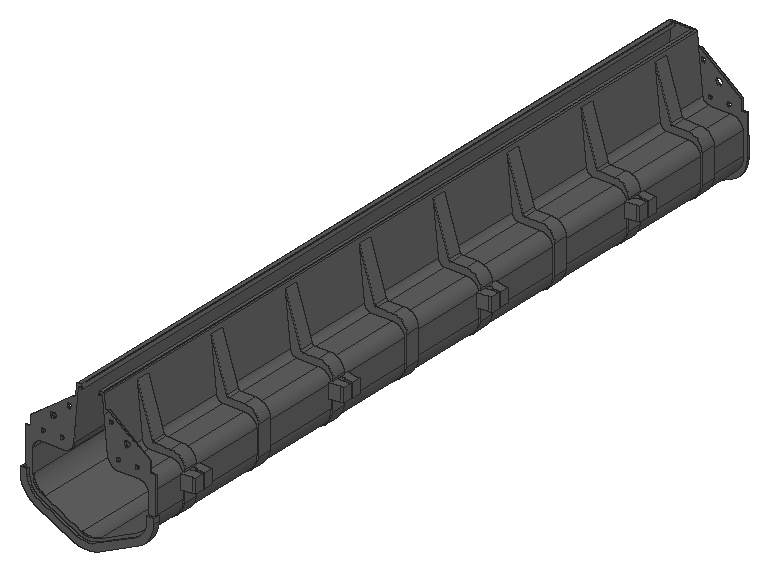
Revit family "Drain_Slotted_Hi-Cap_Zurn-Z888-12", category Plumbing Fixtures, Revit 2022
Family settings
  Round Connector Dimension = Use Radius
  Part Type = Normal
  OmniClass Number = 23.70.50.21.24.14
  OmniClass Title = Deck Waste Water Drains
  Work Plane-Based = No
  Always vertical = Yes
  Cut with Voids When Loaded = No
  Maintain Annotation Orientation = No
  Shared = No
  Room Calculation Point = No
Parameters (values of type "Z888-12 with 4 Inch No-Hub End Outlet")
  Vent Connection = 1 = 0  # no
  Product Installation Sheet URL = "https://files.zurn.com/care-cleaning-install-warranty-sheets/ft534.pdf"
  Outlet Height = if(Nominal Diameter = 4.000", 12.500", if(Nominal Diameter = 6.000", 11.500", if(Nominal Diameter = 8.000", 10.750", if(Nominal Diameter = 12.000", 12.750", Nominal Diameter))))  # 12.500"
  HW Connection = 1 = 0  # no
  CW Connection = 1 = 0  # no
  Waste Connection = 1 = 1  # yes
  WFU = 1  # constant formula
  URL = "www.zurn.com"
  Type Comments = ""
  Product data url = "https://www.bimobject.com/en-us/zurnindustries/product/z888-12"
  Product Page URL = "https://www.zurn.com/products/drainage-interceptors/trench-drain-systems/linear-trench-drain/general-purpose-drainage-exterior/z888-12"
  Product Documentation Link = "https://files.zurn.com/spec-sheets/z888-12.pdf"
  Pipe Size 'A' (Outer Diameter) = 4.500"
  Pipe Size 'A' (Nominal Radius) = Nominal Diameter / 2  # 2.000"
  Nominal Diameter = 4.000"
  Pipe Size 'A' (Inner Radius) = [Pipe Size 'A' (Inner Diameter)] / 2  # 2.014"
  Pipe Size 'A' (Outer Radius) = [Pipe Size 'A' (Outer Diameter)] / 2  # 2.250"
  Pipe Size 'A' (Inner Diameter) = 4.028"
  Modified Date = "02/13/2026"  # constant formula
  Model = "Z888-12"
  Manufacurer Brand = "Zurn"  # constant formula
  Manufacturer = "Zurn Water, LLC"  # constant formula
  Main Material = Polymer - Zurn - LDPE - Black
  HWFU = 0  # constant formula
  Description = "HI-CAP SLOTTED DRAINAGE SYSTEM FOR 12 [305] CORRUGATED PIPE OR EQUIVALENT"  # constant formula
  Default Elevation = 20.000"
  Date Created = "01/17/2023"  # constant formula
  CWFU = 0  # constant formula
  Assembly Code = "D2030300"
  12 Inch End Outlet = if(Nominal Diameter = 12.000", 16.500", 12.250")  # 12.250"
Reference planes (in)
  plane 1 "Center (Front/Back)": y = 0
  plane 2: z = 0
  plane 3 "Center (Left/Right)": x = 0
  plane 4: x = -6.25
  plane 5: x = 6.25
  plane 6: z = -14.5
  plane 7: x = 1.5
  plane 8: x = -1.5
  plane 9: x = 0.875
  plane 10: x = -0.875
  plane 11: z = -7
  plane 12: y = 40
  plane 13: y = -40
  plane 14: y = -39.875
  plane 15: y = 39.875
  plane 16: y = -35
  plane 17: y = -34.25
  plane 18: y = -35.75
  plane 19: y = -25
  plane 20: y = -24.25
  plane 21: y = -25.75
  plane 22: y = -15
  plane 23: y = -14.25
  plane 24: y = -15.75
  plane 25: y = -5
  plane 26: y = -4.25
  plane 27: y = -5.75
  plane 28: y = 5
  plane 29: y = 5.75
  plane 30: y = 4.25
  plane 31: y = 15
  plane 32: y = 15.75
  plane 33: y = 14.25
  plane 34: y = 25
  plane 35: y = 25.75
  plane 36: y = 24.25
  plane 37: y = 35
  plane 38: y = 35.75
  plane 39: y = 34.25
  plane 40: z = -7.625
  plane 41: z = -9.125
  plane 42: z = -9.927
  plane 43: y = -40.5
  plane 44: y = 44
  plane 45: z = -12.5
  plane 46: z = -10.49062
  plane 47: z = -12.25
  plane 48: x = -2
  plane 49: x = 2
  plane 50: z = -10.5
  plane 51: z = -14.5
  plane 52: y = 40.125
Forms (in)
  Extrusion 1, solid, material "Polymer - Zurn - LDPE - Black" <- "Main Material", detail levels fine
    sketch origin (0, 0, 0) x (1, 0, 0) y (0, 0, 1)
      loop
        arc (-2.87293, -7) -> (-2.2038, -6.74314) -> (-1.87841, -6.10453) r 1
        line (-1.87841, -6.10453) -> (-1.27484, -0.36193)
        arc (-1.27484, -0.36193) -> (-1.23416, -0.28211) -> (-1.15052, -0.25) r 0.125
        line (-1.15052, -0.25) -> (-1.0835, -0.25)
        arc (-1.0835, -0.25) -> (-1.0153, -0.26987) -> (-0.96843, -0.32325) r 0.127
        line (-0.96843, -0.32325) -> (-0.93092, -0.40355) -> (-0.875, -0.40355) -> (-0.98297, -0.00061) -> (-1.37568, -0.00061)
        arc (-1.37568, -0.00061) -> (-1.45933, -0.03271) -> (-1.5, -0.11254) r 0.125
        line (-1.5, -0.11254) -> (-2.12704, -6.0784)
        arc (-2.12704, -6.0784) -> (-2.37108, -6.55736) -> (-2.87293, -6.75) r 0.75
        line (-2.87293, -6.75) -> (-5.25, -6.75)
        arc (-5.25, -6.75) -> (-6.13388, -7.11612) -> (-6.5, -8) r 1.25
        line (-6.5, -8) -> (-6.5, -10.49062)
        arc (-6.5, -10.49062) -> (-6.15397, -11.68953) -> (-5.22232, -12.51968) r 2.25
        line (-5.22232, -12.51968) -> (-1.08036, -14.50451)
        arc (-1.08036, -14.50451) -> (0, -14.75) -> (1.08036, -14.50451) r 2.5
        line (1.08036, -14.50451) -> (5.22232, -12.51968)
        arc (5.22232, -12.51968) -> (6.15397, -11.68953) -> (6.5, -10.49062) r 2.25
        line (6.5, -10.49062) -> (6.5, -8)
        arc (6.5, -8) -> (6.13388, -7.11612) -> (5.25, -6.75) r 1.25
        line (5.25, -6.75) -> (2.87293, -6.75)
        arc (2.87293, -6.75) -> (2.37108, -6.55736) -> (2.12704, -6.0784) r 0.75
        line (2.12704, -6.0784) -> (1.5, -0.11254)
        arc (1.5, -0.11254) -> (1.45933, -0.03271) -> (1.37568, -0.00061) r 0.125
        line (1.37568, -0.00061) -> (0.98297, -0.00061) -> (0.875, -0.40355) -> (0.93092, -0.40355) -> (0.96843, -0.32325)
        arc (0.96843, -0.32325) -> (1.0153, -0.26987) -> (1.0835, -0.25) r 0.127
        line (1.0835, -0.25) -> (1.15052, -0.25)
        arc (1.15052, -0.25) -> (1.23416, -0.28211) -> (1.27484, -0.36193) r 0.125
        line (1.27484, -0.36193) -> (1.87841, -6.10453)
        arc (1.87841, -6.10453) -> (2.2038, -6.74314) -> (2.87293, -7) r 1
        line (2.87293, -7) -> (5.25, -7)
        arc (5.25, -7) -> (5.95711, -7.29289) -> (6.25, -8) r 1
        line (6.25, -8) -> (6.25, -10.49062)
        arc (6.25, -10.49062) -> (5.94242, -11.55632) -> (5.11429, -12.29423) r 2
        line (5.11429, -12.29423) -> (0.97232, -14.27906)
        arc (0.97232, -14.27906) -> (0, -14.5) -> (-0.97232, -14.27906) r 2.25
        line (-0.97232, -14.27906) -> (-5.11429, -12.29423)
        arc (-5.11429, -12.29423) -> (-5.94242, -11.55632) -> (-6.25, -10.49062) r 2
        line (-6.25, -10.49062) -> (-6.25, -8)
        arc (-6.25, -8) -> (-5.95711, -7.29289) -> (-5.25, -7) r 1
        line (-5.25, -7) -> (-2.87293, -7)
    from -40 to 40
  Extrusion 2, solid, material "Polymer - Zurn - LDPE - Black" <- "Main Material", detail levels fine
    sketch origin (0, 0, 0) x (1, 0, 0) y (0, 0, 1)
      loop
        line (-1.39445, -1.5) -> (-1.98135, -1.5) -> (-6.4375, -4.86842) -> (-6.4375, -6.00027) -> (-7, -6.00027) -> (-7, -10.49062)
        arc (-7, -10.49062) -> (-6.57708, -11.95596) -> (-5.4384, -12.97059) r 2.75
        line (-5.4384, -12.97059) -> (-1.29643, -14.95541)
        arc (-1.29643, -14.95541) -> (0, -15.25) -> (1.29643, -14.95541) r 3
        line (1.29643, -14.95541) -> (5.4384, -12.97059)
        arc (5.4384, -12.97059) -> (6.57708, -11.95596) -> (7, -10.49062) r 2.75
        line (7, -10.49062) -> (7, -6.00027) -> (6.4375, -6.00027) -> (6.4375, -4.86842) -> (1.98135, -1.5) -> (1.39445, -1.5) -> (1.87841, -6.10453)
        arc (1.87841, -6.10453) -> (2.2038, -6.74314) -> (2.87293, -7) r 1
        line (2.87293, -7) -> (5.25, -7)
        arc (5.25, -7) -> (5.95711, -7.29289) -> (6.25, -8) r 1
        line (6.25, -8) -> (6.25, -10.49062)
        arc (6.25, -10.49062) -> (5.94242, -11.55632) -> (5.11429, -12.29423) r 2
        line (5.11429, -12.29423) -> (0.97232, -14.27906)
        arc (0.97232, -14.27906) -> (0, -14.5) -> (-0.97232, -14.27906) r 2.25
        line (-0.97232, -14.27906) -> (-5.11429, -12.29423)
        arc (-5.11429, -12.29423) -> (-5.94242, -11.55632) -> (-6.25, -10.49062) r 2
        line (-6.25, -10.49062) -> (-6.25, -8)
        arc (-6.25, -8) -> (-5.95711, -7.29289) -> (-5.25, -7) r 1
        line (-5.25, -7) -> (-2.87293, -7)
        arc (-2.87293, -7) -> (-2.2038, -6.74314) -> (-1.87841, -6.10453) r 1
        line (-1.87841, -6.10453) -> (-1.39445, -1.5)
      loop
        circle (-2.27395, -2.54201) r 0.25
      loop
        circle (-3.98532, -4.06322) r 0.35
      loop
        circle (-5.07869, -5.9172) r 0.25
      loop
        circle (-3.04406, -5.9077) r 0.25
      loop
        circle (2.27395, -2.54201) r 0.25
      loop
        circle (3.98532, -4.06322) r 0.35
      loop
        circle (5.07869, -5.9172) r 0.25
      loop
        circle (3.04406, -5.9077) r 0.25
    from 39.875 to 40
  Extrusion 3, solid, material "Polymer - Zurn - LDPE - Black" <- "Main Material", detail levels fine
    sketch origin (0, 0, 0) x (1, 0, 0) y (0, 0, 1)
      loop
        arc (2.12704, -6.0784) -> (2.37108, -6.55736) -> (2.87293, -6.75) r 0.75
        line (2.87293, -6.75) -> (5.25, -6.75)
        arc (5.25, -6.75) -> (6.13388, -7.11612) -> (6.5, -8) r 1.25
        line (6.5, -8) -> (6.5, -10.49062)
        arc (6.5, -10.49062) -> (6.15397, -11.68953) -> (5.22232, -12.51968) r 2.25
        arc (5.22232, -12.51968) -> (6.24595, -11.82789) -> (6.75, -10.69991) r 2.25
        line (6.75, -10.69991) -> (6.75, -7.5)
        arc (6.75, -7.5) -> (6.31066, -6.43934) -> (5.25, -6) r 1.5
        line (5.25, -6) -> (3.51347, -6)
        arc (3.51347, -6) -> (3.36652, -5.95225) -> (3.2757, -5.82725) r 0.25
        line (3.2757, -5.82725) -> (1.53879, -0.48157) -> (2.12704, -6.0784)
      loop
        line (-2.12704, -6.0784) -> (-1.53879, -0.48157) -> (-3.2757, -5.82725)
        arc (-3.2757, -5.82725) -> (-3.36652, -5.95225) -> (-3.51347, -6) r 0.25
        line (-3.51347, -6) -> (-5.25, -6)
        arc (-5.25, -6) -> (-6.31066, -6.43934) -> (-6.75, -7.5) r 1.5
        line (-6.75, -7.5) -> (-6.75, -10.69991)
        arc (-6.75, -10.69991) -> (-6.24595, -11.82789) -> (-5.22232, -12.51968) r 2.25
        arc (-5.22232, -12.51968) -> (-6.15397, -11.68953) -> (-6.5, -10.49062) r 2.25
        line (-6.5, -10.49062) -> (-6.5, -8)
        arc (-6.5, -8) -> (-6.13388, -7.11612) -> (-5.25, -6.75) r 1.25
        line (-5.25, -6.75) -> (-2.87293, -6.75)
        arc (-2.87293, -6.75) -> (-2.37108, -6.55736) -> (-2.12704, -6.0784) r 0.75
    from 4.25 to 5.75
  Extrusion 4, solid, material "Polymer - Zurn - LDPE - Black" <- "Main Material", detail levels fine
    sketch origin (0, -10, 0) x (1, 0, 0) y (0, 0, 1)
      loop
        arc (2.12704, -6.0784) -> (2.37108, -6.55736) -> (2.87293, -6.75) r 0.75
        line (2.87293, -6.75) -> (5.25, -6.75)
        arc (5.25, -6.75) -> (6.13388, -7.11612) -> (6.5, -8) r 1.25
        line (6.5, -8) -> (6.5, -10.49062)
        arc (6.5, -10.49062) -> (6.15397, -11.68953) -> (5.22232, -12.51968) r 2.25
        arc (5.22232, -12.51968) -> (6.24595, -11.82789) -> (6.75, -10.69991) r 2.25
        line (6.75, -10.69991) -> (6.75, -7.5)
        arc (6.75, -7.5) -> (6.31066, -6.43934) -> (5.25, -6) r 1.5
        line (5.25, -6) -> (3.51347, -6)
        arc (3.51347, -6) -> (3.36652, -5.95225) -> (3.2757, -5.82725) r 0.25
        line (3.2757, -5.82725) -> (1.53879, -0.48157) -> (2.12704, -6.0784)
      loop
        line (-2.12704, -6.0784) -> (-1.53879, -0.48157) -> (-3.2757, -5.82725)
        arc (-3.2757, -5.82725) -> (-3.36652, -5.95225) -> (-3.51347, -6) r 0.25
        line (-3.51347, -6) -> (-5.25, -6)
        arc (-5.25, -6) -> (-6.31066, -6.43934) -> (-6.75, -7.5) r 1.5
        line (-6.75, -7.5) -> (-6.75, -10.69991)
        arc (-6.75, -10.69991) -> (-6.24595, -11.82789) -> (-5.22232, -12.51968) r 2.25
        arc (-5.22232, -12.51968) -> (-6.15397, -11.68953) -> (-6.5, -10.49062) r 2.25
        line (-6.5, -10.49062) -> (-6.5, -8)
        arc (-6.5, -8) -> (-6.13388, -7.11612) -> (-5.25, -6.75) r 1.25
        line (-5.25, -6.75) -> (-2.87293, -6.75)
        arc (-2.87293, -6.75) -> (-2.37108, -6.55736) -> (-2.12704, -6.0784) r 0.75
    from 4.25 to 5.75
  Extrusion 5, solid, material "Polymer - Zurn - LDPE - Black" <- "Main Material", detail levels fine
    sketch origin (0, -20, 0) x (1, 0, 0) y (0, 0, 1)
      loop
        arc (2.12704, -6.0784) -> (2.37108, -6.55736) -> (2.87293, -6.75) r 0.75
        line (2.87293, -6.75) -> (5.25, -6.75)
        arc (5.25, -6.75) -> (6.13388, -7.11612) -> (6.5, -8) r 1.25
        line (6.5, -8) -> (6.5, -10.49062)
        arc (6.5, -10.49062) -> (6.15397, -11.68953) -> (5.22232, -12.51968) r 2.25
        arc (5.22232, -12.51968) -> (6.24595, -11.82789) -> (6.75, -10.69991) r 2.25
        line (6.75, -10.69991) -> (6.75, -7.5)
        arc (6.75, -7.5) -> (6.31066, -6.43934) -> (5.25, -6) r 1.5
        line (5.25, -6) -> (3.51347, -6)
        arc (3.51347, -6) -> (3.36652, -5.95225) -> (3.2757, -5.82725) r 0.25
        line (3.2757, -5.82725) -> (1.53879, -0.48157) -> (2.12704, -6.0784)
      loop
        line (-2.12704, -6.0784) -> (-1.53879, -0.48157) -> (-3.2757, -5.82725)
        arc (-3.2757, -5.82725) -> (-3.36652, -5.95225) -> (-3.51347, -6) r 0.25
        line (-3.51347, -6) -> (-5.25, -6)
        arc (-5.25, -6) -> (-6.31066, -6.43934) -> (-6.75, -7.5) r 1.5
        line (-6.75, -7.5) -> (-6.75, -10.69991)
        arc (-6.75, -10.69991) -> (-6.24595, -11.82789) -> (-5.22232, -12.51968) r 2.25
        arc (-5.22232, -12.51968) -> (-6.15397, -11.68953) -> (-6.5, -10.49062) r 2.25
        line (-6.5, -10.49062) -> (-6.5, -8)
        arc (-6.5, -8) -> (-6.13388, -7.11612) -> (-5.25, -6.75) r 1.25
        line (-5.25, -6.75) -> (-2.87293, -6.75)
        arc (-2.87293, -6.75) -> (-2.37108, -6.55736) -> (-2.12704, -6.0784) r 0.75
    from 4.25 to 5.75
  Extrusion 6, solid, material "Polymer - Zurn - LDPE - Black" <- "Main Material", detail levels fine
    sketch origin (0, -30, 0) x (1, 0, 0) y (0, 0, 1)
      loop
        arc (2.12704, -6.0784) -> (2.37108, -6.55736) -> (2.87293, -6.75) r 0.75
        line (2.87293, -6.75) -> (5.25, -6.75)
        arc (5.25, -6.75) -> (6.13388, -7.11612) -> (6.5, -8) r 1.25
        line (6.5, -8) -> (6.5, -10.49062)
        arc (6.5, -10.49062) -> (6.15397, -11.68953) -> (5.22232, -12.51968) r 2.25
        arc (5.22232, -12.51968) -> (6.24595, -11.82789) -> (6.75, -10.69991) r 2.25
        line (6.75, -10.69991) -> (6.75, -7.5)
        arc (6.75, -7.5) -> (6.31066, -6.43934) -> (5.25, -6) r 1.5
        line (5.25, -6) -> (3.51347, -6)
        arc (3.51347, -6) -> (3.36652, -5.95225) -> (3.2757, -5.82725) r 0.25
        line (3.2757, -5.82725) -> (1.53879, -0.48157) -> (2.12704, -6.0784)
      loop
        line (-2.12704, -6.0784) -> (-1.53879, -0.48157) -> (-3.2757, -5.82725)
        arc (-3.2757, -5.82725) -> (-3.36652, -5.95225) -> (-3.51347, -6) r 0.25
        line (-3.51347, -6) -> (-5.25, -6)
        arc (-5.25, -6) -> (-6.31066, -6.43934) -> (-6.75, -7.5) r 1.5
        line (-6.75, -7.5) -> (-6.75, -10.69991)
        arc (-6.75, -10.69991) -> (-6.24595, -11.82789) -> (-5.22232, -12.51968) r 2.25
        arc (-5.22232, -12.51968) -> (-6.15397, -11.68953) -> (-6.5, -10.49062) r 2.25
        line (-6.5, -10.49062) -> (-6.5, -8)
        arc (-6.5, -8) -> (-6.13388, -7.11612) -> (-5.25, -6.75) r 1.25
        line (-5.25, -6.75) -> (-2.87293, -6.75)
        arc (-2.87293, -6.75) -> (-2.37108, -6.55736) -> (-2.12704, -6.0784) r 0.75
    from 4.25 to 5.75
  Extrusion 7, solid, material "Polymer - Zurn - LDPE - Black" <- "Main Material", detail levels fine
    sketch origin (0, 10, 0) x (1, 0, 0) y (0, 0, 1)
      loop
        arc (2.12704, -6.0784) -> (2.37108, -6.55736) -> (2.87293, -6.75) r 0.75
        line (2.87293, -6.75) -> (5.25, -6.75)
        arc (5.25, -6.75) -> (6.13388, -7.11612) -> (6.5, -8) r 1.25
        line (6.5, -8) -> (6.5, -10.49062)
        arc (6.5, -10.49062) -> (6.15397, -11.68953) -> (5.22232, -12.51968) r 2.25
        arc (5.22232, -12.51968) -> (6.24595, -11.82789) -> (6.75, -10.69991) r 2.25
        line (6.75, -10.69991) -> (6.75, -7.5)
        arc (6.75, -7.5) -> (6.31066, -6.43934) -> (5.25, -6) r 1.5
        line (5.25, -6) -> (3.51347, -6)
        arc (3.51347, -6) -> (3.36652, -5.95225) -> (3.2757, -5.82725) r 0.25
        line (3.2757, -5.82725) -> (1.53879, -0.48157) -> (2.12704, -6.0784)
      loop
        line (-2.12704, -6.0784) -> (-1.53879, -0.48157) -> (-3.2757, -5.82725)
        arc (-3.2757, -5.82725) -> (-3.36652, -5.95225) -> (-3.51347, -6) r 0.25
        line (-3.51347, -6) -> (-5.25, -6)
        arc (-5.25, -6) -> (-6.31066, -6.43934) -> (-6.75, -7.5) r 1.5
        line (-6.75, -7.5) -> (-6.75, -10.69991)
        arc (-6.75, -10.69991) -> (-6.24595, -11.82789) -> (-5.22232, -12.51968) r 2.25
        arc (-5.22232, -12.51968) -> (-6.15397, -11.68953) -> (-6.5, -10.49062) r 2.25
        line (-6.5, -10.49062) -> (-6.5, -8)
        arc (-6.5, -8) -> (-6.13388, -7.11612) -> (-5.25, -6.75) r 1.25
        line (-5.25, -6.75) -> (-2.87293, -6.75)
        arc (-2.87293, -6.75) -> (-2.37108, -6.55736) -> (-2.12704, -6.0784) r 0.75
    from 4.25 to 5.75
  Extrusion 8, solid, material "Polymer - Zurn - LDPE - Black" <- "Main Material", detail levels fine
    sketch origin (0, 30, 0) x (1, 0, 0) y (0, 0, 1)
      loop
        arc (2.12704, -6.0784) -> (2.37108, -6.55736) -> (2.87293, -6.75) r 0.75
        line (2.87293, -6.75) -> (5.25, -6.75)
        arc (5.25, -6.75) -> (6.13388, -7.11612) -> (6.5, -8) r 1.25
        line (6.5, -8) -> (6.5, -10.49062)
        arc (6.5, -10.49062) -> (6.15397, -11.68953) -> (5.22232, -12.51968) r 2.25
        arc (5.22232, -12.51968) -> (6.24595, -11.82789) -> (6.75, -10.69991) r 2.25
        line (6.75, -10.69991) -> (6.75, -7.5)
        arc (6.75, -7.5) -> (6.31066, -6.43934) -> (5.25, -6) r 1.5
        line (5.25, -6) -> (3.51347, -6)
        arc (3.51347, -6) -> (3.36652, -5.95225) -> (3.2757, -5.82725) r 0.25
        line (3.2757, -5.82725) -> (1.53879, -0.48157) -> (2.12704, -6.0784)
      loop
        line (-2.12704, -6.0784) -> (-1.53879, -0.48157) -> (-3.2757, -5.82725)
        arc (-3.2757, -5.82725) -> (-3.36652, -5.95225) -> (-3.51347, -6) r 0.25
        line (-3.51347, -6) -> (-5.25, -6)
        arc (-5.25, -6) -> (-6.31066, -6.43934) -> (-6.75, -7.5) r 1.5
        line (-6.75, -7.5) -> (-6.75, -10.69991)
        arc (-6.75, -10.69991) -> (-6.24595, -11.82789) -> (-5.22232, -12.51968) r 2.25
        arc (-5.22232, -12.51968) -> (-6.15397, -11.68953) -> (-6.5, -10.49062) r 2.25
        line (-6.5, -10.49062) -> (-6.5, -8)
        arc (-6.5, -8) -> (-6.13388, -7.11612) -> (-5.25, -6.75) r 1.25
        line (-5.25, -6.75) -> (-2.87293, -6.75)
        arc (-2.87293, -6.75) -> (-2.37108, -6.55736) -> (-2.12704, -6.0784) r 0.75
    from 4.25 to 5.75
  Extrusion 9, solid, material "Polymer - Zurn - LDPE - Black" <- "Main Material", detail levels fine
    sketch origin (0, 40, 0) x (1, 0, 0) y (0, 0, 1)
      loop
        arc (2.12704, -6.0784) -> (2.37108, -6.55736) -> (2.87293, -6.75) r 0.75
        line (2.87293, -6.75) -> (5.25, -6.75)
        arc (5.25, -6.75) -> (6.13388, -7.11612) -> (6.5, -8) r 1.25
        line (6.5, -8) -> (6.5, -10.49062)
        arc (6.5, -10.49062) -> (6.15397, -11.68953) -> (5.22232, -12.51968) r 2.25
        arc (5.22232, -12.51968) -> (6.24595, -11.82789) -> (6.75, -10.69991) r 2.25
        line (6.75, -10.69991) -> (6.75, -7.5)
        arc (6.75, -7.5) -> (6.31066, -6.43934) -> (5.25, -6) r 1.5
        line (5.25, -6) -> (3.51347, -6)
        arc (3.51347, -6) -> (3.36652, -5.95225) -> (3.2757, -5.82725) r 0.25
        line (3.2757, -5.82725) -> (1.53879, -0.48157) -> (2.12704, -6.0784)
      loop
        line (-2.12704, -6.0784) -> (-1.53879, -0.48157) -> (-3.2757, -5.82725)
        arc (-3.2757, -5.82725) -> (-3.36652, -5.95225) -> (-3.51347, -6) r 0.25
        line (-3.51347, -6) -> (-5.25, -6)
        arc (-5.25, -6) -> (-6.31066, -6.43934) -> (-6.75, -7.5) r 1.5
        line (-6.75, -7.5) -> (-6.75, -10.69991)
        arc (-6.75, -10.69991) -> (-6.24595, -11.82789) -> (-5.22232, -12.51968) r 2.25
        arc (-5.22232, -12.51968) -> (-6.15397, -11.68953) -> (-6.5, -10.49062) r 2.25
        line (-6.5, -10.49062) -> (-6.5, -8)
        arc (-6.5, -8) -> (-6.13388, -7.11612) -> (-5.25, -6.75) r 1.25
        line (-5.25, -6.75) -> (-2.87293, -6.75)
        arc (-2.87293, -6.75) -> (-2.37108, -6.55736) -> (-2.12704, -6.0784) r 0.75
    from 4.25 to 5.75
  Extrusion 10, solid, material "Polymer - Zurn - LDPE - Black" <- "Main Material", detail levels fine
    sketch origin (0, 20, 0) x (1, 0, 0) y (0, 0, 1)
      loop
        arc (2.12704, -6.0784) -> (2.37108, -6.55736) -> (2.87293, -6.75) r 0.75
        line (2.87293, -6.75) -> (5.25, -6.75)
        arc (5.25, -6.75) -> (6.13388, -7.11612) -> (6.5, -8) r 1.25
        line (6.5, -8) -> (6.5, -10.49062)
        arc (6.5, -10.49062) -> (6.15397, -11.68953) -> (5.22232, -12.51968) r 2.25
        arc (5.22232, -12.51968) -> (6.24595, -11.82789) -> (6.75, -10.69991) r 2.25
        line (6.75, -10.69991) -> (6.75, -7.5)
        arc (6.75, -7.5) -> (6.31066, -6.43934) -> (5.25, -6) r 1.5
        line (5.25, -6) -> (3.51347, -6)
        arc (3.51347, -6) -> (3.36652, -5.95225) -> (3.2757, -5.82725) r 0.25
        line (3.2757, -5.82725) -> (1.53879, -0.48157) -> (2.12704, -6.0784)
      loop
        line (-2.12704, -6.0784) -> (-1.53879, -0.48157) -> (-3.2757, -5.82725)
        arc (-3.2757, -5.82725) -> (-3.36652, -5.95225) -> (-3.51347, -6) r 0.25
        line (-3.51347, -6) -> (-5.25, -6)
        arc (-5.25, -6) -> (-6.31066, -6.43934) -> (-6.75, -7.5) r 1.5
        line (-6.75, -7.5) -> (-6.75, -10.69991)
        arc (-6.75, -10.69991) -> (-6.24595, -11.82789) -> (-5.22232, -12.51968) r 2.25
        arc (-5.22232, -12.51968) -> (-6.15397, -11.68953) -> (-6.5, -10.49062) r 2.25
        line (-6.5, -10.49062) -> (-6.5, -8)
        arc (-6.5, -8) -> (-6.13388, -7.11612) -> (-5.25, -6.75) r 1.25
        line (-5.25, -6.75) -> (-2.87293, -6.75)
        arc (-2.87293, -6.75) -> (-2.37108, -6.55736) -> (-2.12704, -6.0784) r 0.75
    from 4.25 to 5.75
  Extrusion 11, solid, material "Polymer - Zurn - LDPE - Black" <- "Main Material", detail levels fine
    sketch origin (0, 0, 0) x (1, 0, 0) y (0, 1, 0)
      loop
        line (6.75317, 26.25) -> (6.75317, 23.75) -> (7.81337, 23.9375) -> (8.25, 23.9375) -> (8.25, 24.875) -> (7.37695, 24.875)
        arc (7.37695, 24.875) -> (6.84375, 25) -> (7.37695, 25.125) r 0.28125
        line (7.37695, 25.125) -> (8.25, 25.125) -> (8.25, 26.0625) -> (7.81337, 26.0625) -> (6.75317, 26.25)
      loop
        line (-6.75317, 26.25) -> (-7.81337, 26.0625) -> (-8.25, 26.0625) -> (-8.25, 25.125) -> (-7.37695, 25.125)
        arc (-7.37695, 25.125) -> (-6.84375, 25) -> (-7.37695, 24.875) r 0.28125
        line (-7.37695, 24.875) -> (-8.25, 24.875) -> (-8.25, 23.9375) -> (-7.81337, 23.9375) -> (-6.75317, 23.75) -> (-6.75317, 26.25)
      loop
        line (6.75317, 6.25) -> (6.75317, 3.75) -> (7.81337, 3.9375) -> (8.25, 3.9375) -> (8.25, 4.875) -> (7.37695, 4.875)
        arc (7.37695, 4.875) -> (6.84375, 5) -> (7.37695, 5.125) r 0.28125
        line (7.37695, 5.125) -> (8.25, 5.125) -> (8.25, 6.0625) -> (7.81337, 6.0625) -> (6.75317, 6.25)
      loop
        line (-6.75317, 6.25) -> (-7.81337, 6.0625) -> (-8.25, 6.0625) -> (-8.25, 5.125) -> (-7.37695, 5.125)
        arc (-7.37695, 5.125) -> (-6.84375, 5) -> (-7.37695, 4.875) r 0.28125
        line (-7.37695, 4.875) -> (-8.25, 4.875) -> (-8.25, 3.9375) -> (-7.81337, 3.9375) -> (-6.75317, 3.75) -> (-6.75317, 6.25)
      loop
        line (6.75317, -13.75) -> (6.75317, -16.25) -> (7.81337, -16.0625) -> (8.25, -16.0625) -> (8.25, -15.125) -> (7.37695, -15.125)
        arc (7.37695, -15.125) -> (6.84375, -15) -> (7.37695, -14.875) r 0.28125
        line (7.37695, -14.875) -> (8.25, -14.875) -> (8.25, -13.9375) -> (7.81337, -13.9375) -> (6.75317, -13.75)
      loop
        line (-6.75317, -13.75) -> (-7.81337, -13.9375) -> (-8.25, -13.9375) -> (-8.25, -14.875) -> (-7.37695, -14.875)
        arc (-7.37695, -14.875) -> (-6.84375, -15) -> (-7.37695, -15.125) r 0.28125
        line (-7.37695, -15.125) -> (-8.25, -15.125) -> (-8.25, -16.0625) -> (-7.81337, -16.0625) -> (-6.75317, -16.25) -> (-6.75317, -13.75)
      loop
        line (6.75317, -33.75) -> (6.75317, -36.25) -> (7.81337, -36.0625) -> (8.25, -36.0625) -> (8.25, -35.125) -> (7.37695, -35.125)
        arc (7.37695, -35.125) -> (6.84375, -35) -> (7.37695, -34.875) r 0.28125
        line (7.37695, -34.875) -> (8.25, -34.875) -> (8.25, -33.9375) -> (7.81337, -33.9375) -> (6.75317, -33.75)
      loop
        line (-6.75317, -33.75) -> (-7.81337, -33.9375) -> (-8.25, -33.9375) -> (-8.25, -34.875) -> (-7.37695, -34.875)
        arc (-7.37695, -34.875) -> (-6.84375, -35) -> (-7.37695, -35.125) r 0.28125
        line (-7.37695, -35.125) -> (-8.25, -35.125) -> (-8.25, -36.0625) -> (-7.81337, -36.0625) -> (-6.75317, -36.25) -> (-6.75317, -33.75)
    from -9.125 to -7.625
  Sweep 12, solid, material "Polymer - Zurn - LDPE - Black" <- "Main Material", detail levels fine
    path origin (0, 0, 0) x (1, 0, 0) y (0, 0, 1)
      loop
        line (6.25, -9.927) -> (6.25, -10.49062)
        arc (6.25, -10.49062) -> (5.94242, -11.55632) -> (5.11429, -12.29423) r 2
        line (5.11429, -12.29423) -> (0.97232, -14.27906)
        arc (0.97232, -14.27906) -> (0, -14.5) -> (-0.97232, -14.27906) r 2.25
        line (-0.97232, -14.27906) -> (-5.11429, -12.29423)
        arc (-5.11429, -12.29423) -> (-5.94242, -11.55632) -> (-6.25, -10.49062) r 2
        line (-6.25, -10.49062) -> (-6.25, -9.927)
    profile origin (6.25, 0, -10.20881) x (0, -1, 0) y (1, 0, 0)
      loop
        line (40.25, 0.225) -> (40.5, 0.225) -> (40.5, 0.975) -> (39.875, 0.975) -> (39.875, 0.75) -> (40.25, 0.75) -> (40.25, 0.225)
  Extrusion 13, solid, material "Polymer - Zurn - LDPE - Black" <- "Main Material", detail levels fine
    sketch origin (0, 80, 0) x (1, 0, 0) y (0, 0, 1)
      loop
        line (-1.39445, -1.5) -> (-1.98135, -1.5) -> (-6.4375, -4.86842) -> (-6.4375, -6.00027) -> (-7, -6.00027) -> (-7, -10.49062)
        arc (-7, -10.49062) -> (-6.57708, -11.95596) -> (-5.4384, -12.97059) r 2.75
        line (-5.4384, -12.97059) -> (-1.29643, -14.95541)
        arc (-1.29643, -14.95541) -> (0, -15.25) -> (1.29643, -14.95541) r 3
        line (1.29643, -14.95541) -> (5.4384, -12.97059)
        arc (5.4384, -12.97059) -> (6.57708, -11.95596) -> (7, -10.49062) r 2.75
        line (7, -10.49062) -> (7, -6.00027) -> (6.4375, -6.00027) -> (6.4375, -4.86842) -> (1.98135, -1.5) -> (1.39445, -1.5) -> (1.23679, 0) -> (-1.23679, 0) -> (-1.39445, -1.5)
      loop
        circle (-2.27395, -2.54201) r 0.25
      loop
        circle (-3.98532, -4.06322) r 0.35
      loop
        circle (-5.07869, -5.9172) r 0.25
      loop
        circle (-3.04406, -5.9077) r 0.25
      loop
        circle (2.27395, -2.54201) r 0.25
      loop
        circle (3.98532, -4.06322) r 0.35
      loop
        circle (5.07869, -5.9172) r 0.25
      loop
        circle (3.04406, -5.9077) r 0.25
    from 39.875 to 40
  Extrusion 14, solid, material "Polymer - Zurn - LDPE - Black" <- "Main Material", detail levels fine
    sketch origin (0, 0, 0) x (1, 0, 0) y (0, 0, 1)
      loop
        circle (0, -12.5) r 2.014
      loop
        circle (0, -12.5) r 2.25
    from -44 to -40
Cuts and joins
  joined: Extrusion 1, Extrusion 2, Sweep 12
  joined: Extrusion 13, Extrusion 14
Lines and regions (in)
  Masking region 1, detail levels fine
    outline origin (0, 0, 0) x (1, 0, 0) y (0, 1, 0)
      loop
        line (-6.75, 40.125) -> (-6.75, 26.25056) -> (-7.81337, 26.0625) -> (-8.25, 26.0625) -> (-8.25, 23.9375) -> (-7.81337, 23.9375) -> (-6.75317, 23.75) -> (-6.75317, 6.25) -> (-7.81337, 6.0625) -> (-8.25, 6.0625) -> (-8.25, 3.9375) -> (-7.81337, 3.9375) -> (-6.75317, 3.75) -> (-6.75317, -13.75) -> (-7.81337, -13.9375) -> (-8.25, -13.9375) -> (-8.25, -16.0625) -> (-7.81337, -16.0625) -> (-6.75317, -16.25) -> (-6.75317, -33.75) -> (-7.81337, -33.9375) -> (-8.25, -33.9375) -> (-8.25, -36.0625) -> (-7.81337, -36.0625) -> (-6.75317, -36.25) -> (-6.75317, -39.875) -> (-7.225, -39.875) -> (-7.225, -40.5) -> (7.225, -40.5) -> (7.225, -39.875) -> (6.75317, -39.875) -> (6.75317, -36.25) -> (7.81337, -36.0625) -> (8.25, -36.0625) -> (8.25, -33.9375) -> (7.81337, -33.9375) -> (6.75317, -33.75) -> (6.75317, -16.25) -> (7.81337, -16.0625) -> (8.25, -16.0625) -> (8.25, -13.9375) -> (7.81337, -13.9375) -> (6.75317, -13.75) -> (6.75317, 3.75) -> (7.81337, 3.9375) -> (8.25, 3.9375) -> (8.25, 6.0625) -> (7.81337, 6.0625) -> (6.75317, 6.25) -> (6.75317, 23.75) -> (7.81337, 23.9375) -> (8.25, 23.9375) -> (8.25, 26.0625) -> (7.81337, 26.0625) -> (6.75, 26.25056) -> (6.75, 40.125) -> (2.25, 40.125) -> (2.25, 44) -> (-2.25, 44) -> (-2.25, 40.125) -> (-6.75, 40.125)
  model lines, detail levels coarse+medium
    curve 1: line (0, 44, -10.5) -> (0, 44, -14.5)
    curve 2: line (-2, 44, -12.5) -> (2, 44, -12.5)
    curve 3: line (0, -40, 0) -> (0, -40, -14.5)
    curve 4: line (0, -40, -14.5) -> (0, 40, -14.5)
    curve 5: line (0, 40, -14.5) -> (0, 40, 0)
    curve 6: line (0, 40, -12.5) -> (0, 44, -12.5)
    curve 7: line (-0.875, 40, 0) -> (0.875, 40, 0)
    curve 8: line (-0.875, -40, 0) -> (-0.875, 40, 0)
    curve 9: line (0.875, -40, 0) -> (-0.875, -40, 0)
    curve 10: line (0.875, 40, 0) -> (0.875, -40, 0)
Dimensions and locks (in)
  equal spacing: plane 7, plane 3 "Center (Left/Right)", plane 8, locked at 1.5 each
  locked: plane 7 to plane 8 at 3
  equal spacing: plane 5, plane 3 "Center (Left/Right)", plane 4
  locked: plane 5 to plane 4 at 12.5
  locked: level to plane 6 at 14.5
  equal spacing: plane 9, plane 3 "Center (Left/Right)", plane 10, locked at 0.875 each
  locked: plane 9 to plane 10 at 1.75
  locked: Extrusion 1 sketch curve to plane 6 at 2.25
  locked: Extrusion 1 sketch curve to plane 4 at 2
  Extrusion 1 sketch curve to plane 6 = 4.00938"
  locked: Extrusion 1 sketch curve to plane 6 at 4.00938
  locked: plane 11 to Extrusion 1 sketch curve at 1  (x2)
  locked: plane 5 to Extrusion 1 sketch curve at 1
  locked: Extrusion 1 sketch curve to plane 4 at 1
  locked: level to Extrusion 1 sketch curve at 0.25
  equal spacing: plane 13, plane 1 "Center (Front/Back)", plane 12, locked at 40 each
  locked: plane 13 to plane 12 at 80
  locked: Extrusion 1 sketch curve to Extrusion 1 sketch curve at 0.15355  (x2)
  locked: level to Extrusion 2 sketch curve at 1.5
  equal spacing: Extrusion 2 sketch curve, plane 3 "Center (Left/Right)", Extrusion 2 sketch curve  (x2)
  locked: Extrusion 2 sketch curve to Extrusion 2 sketch curve at 3.96271
  locked: Extrusion 2 sketch curve to Extrusion 2 sketch curve at 12.875
  locked: level to Extrusion 2 sketch curve at 6.00027
  locked: Extrusion 1 to Extrusion 2 sketch curve at 0.75  (x4)
  Extrusion 3 sketch curve to plane 3 "Center (Left/Right)" = 6.750"
  equal spacing: plane 17, plane 16, plane 18, locked at 0.75 each
  locked: plane 17 to plane 18 at 1.5
  locked: Extrusion 3 sketch curve to Extrusion 3 sketch curve at 0.25
  locked: Extrusion 3 sketch curve to Extrusion 3 sketch curve at 0.75
  equal spacing: plane 20, plane 19, plane 21, locked at 0.75 each
  locked: plane 20 to plane 21 at 1.5
  equal spacing: plane 23, plane 22, plane 24, locked at 0.75 each
  locked: plane 23 to plane 24 at 1.5
  equal spacing: plane 26, plane 25, plane 27, locked at 0.75 each
  locked: plane 26 to plane 27 at 1.5
  equal spacing: plane 29, plane 28, plane 30, locked at 0.75 each
  locked: plane 29 to plane 30 at 1.5
  equal spacing: plane 32, plane 31, plane 33, locked at 0.75 each
  locked: plane 32 to plane 33 at 1.5
  equal spacing: plane 35, plane 34, plane 36, locked at 0.75 each
  locked: plane 35 to plane 36 at 1.5
  equal spacing: plane 38, plane 37, plane 39, locked at 0.75 each
  locked: plane 38 to plane 39 at 1.5
  plane 13 to plane 16 to plane 19 to plane 22 to plane 25 to plane 28 to plane 31 to plane 34 to plane 37 to plane 12 = 5.000" locked, 10.000" locked, 10.000" locked, 10.000" locked, 10.000" locked, 10.000" locked, 10.000" locked, 10.000" locked, 5.000" locked
  locked: Extrusion 4 sketch curve to Extrusion 4 sketch curve at 0.25
  locked: Extrusion 4 sketch curve to Extrusion 4 sketch curve at 0.75
  locked: Extrusion 5 sketch curve to Extrusion 5 sketch curve at 0.25
  locked: Extrusion 5 sketch curve to Extrusion 5 sketch curve at 0.75
  locked: Extrusion 6 sketch curve to Extrusion 6 sketch curve at 0.25
  locked: Extrusion 6 sketch curve to Extrusion 6 sketch curve at 0.75
  locked: Extrusion 7 sketch curve to Extrusion 7 sketch curve at 0.25
  locked: Extrusion 7 sketch curve to Extrusion 7 sketch curve at 0.75
  locked: Extrusion 8 sketch curve to Extrusion 8 sketch curve at 0.25
  locked: Extrusion 8 sketch curve to Extrusion 8 sketch curve at 0.75
  locked: Extrusion 9 sketch curve to Extrusion 9 sketch curve at 0.25
  locked: Extrusion 9 sketch curve to Extrusion 9 sketch curve at 0.75
  locked: Extrusion 10 sketch curve to Extrusion 10 sketch curve at 0.25
  locked: Extrusion 10 sketch curve to Extrusion 10 sketch curve at 0.75
  level to plane 40 to plane 41 = 7.625" locked, 1.500" locked
  plane 3 "Center (Left/Right)" to Extrusion 11 sketch curve = 7.125"
  Extrusion 11 sketch curve to plane 34 to Extrusion 11 sketch curve = 0.125", 0.125"
  locked: plane 3 "Center (Left/Right)" to Extrusion 11 sketch curve at 8.25
  locked: Extrusion 11 sketch curve to Extrusion 11 sketch curve at 2.5  (x8)
  Extrusion 11 sketch curve to Extrusion 11 sketch curve to Extrusion 11 sketch curve = 1.0602" locked, 0.43663" locked  (x8)
  locked: Extrusion 11 sketch curve to Extrusion 11 sketch curve at 2.125  (x8)
  locked: Extrusion 11 sketch curve to Extrusion 11 sketch curve at 0.37183  (x8)
  equal spacing: Extrusion 11 sketch curve, plane 34, Extrusion 11 sketch curve  (x2)
  Extrusion 11 sketch curve to Extrusion 11 sketch curve = 2.500"  (x2)
  Extrusion 11 sketch curve to Extrusion 11 sketch curve = 2.125"  (x2)
  locked: Extrusion 11 sketch curve to plane 3 "Center (Left/Right)" at 7.125
  locked: Extrusion 11 sketch curve to plane 3 "Center (Left/Right)" at 8.25
  Extrusion 11 sketch curve to plane 3 "Center (Left/Right)" to Extrusion 11 sketch curve = 7.125" locked, 7.125" locked
  locked: level to plane 42 at 9.927
  locked: Sweep 12 sketch curve to Sweep 12 sketch curve at 0.75
  locked: Sweep 12 sketch curve to Sweep 12 sketch curve at 0.25
  locked: plane 3 "Center (Left/Right)" to Sweep 12 sketch curve at 7.225
  locked: plane 15 to plane 12 at 0.125
  locked: plane 13 to plane 14 at 0.125
  locked: plane 43 to plane 13 at 0.5
  locked: plane 12 to plane 44 at 4
  "Outlet Height": level to plane 45
  equal spacing: Masking region 1 sketch curve, plane 3 "Center (Left/Right)", Masking region 1 sketch curve
  "Pipe Size 'A' (Outer Diameter)": Masking region 1 sketch curve to Masking region 1 sketch curve
  cut or joined group of Extrusion 1, Extrusion 2, Sweep 12 to plane 3 "Center (Left/Right)" to cut or joined group of Extrusion 1, Extrusion 2, Sweep 12 = 7.000" locked, 7.000" locked
  locked: level to cut or joined group of Extrusion 1, Extrusion 2, Sweep 12 at 6.00027
  cut or joined group of Extrusion 1, Extrusion 2, Sweep 12 to plane 3 "Center (Left/Right)" to cut or joined group of Extrusion 1, Extrusion 2, Sweep 12 = 6.4375" locked, 6.4375" locked  (x2)
  Extrusion 13 sketch curve to plane 3 "Center (Left/Right)" to Extrusion 13 sketch curve = 1.98135" locked, 1.98135" locked
  Extrusion 13 sketch curve to plane 3 "Center (Left/Right)" to Extrusion 13 sketch curve = 1.39445" locked, 1.39445" locked
  Extrusion 13 sketch curve to plane 3 "Center (Left/Right)" to Extrusion 13 sketch curve = 4.250" locked, 4.250" locked
  "12 Inch End Outlet": level to plane 47
  locked: plane 46 to plane 47 at 1.75938
  "Pipe Size 'A' (Nominal Radius)": plane 50 to plane 45 to plane 51
  "Pipe Size 'A' (Nominal Radius)": plane 49 to plane 3 "Center (Left/Right)" to plane 48
  cut or joined group of Extrusion 1, Extrusion 2, Sweep 12 to cut or joined group of Extrusion 13, Extrusion 14 = 0.750"
  locked: plane 12 to plane 52 at 0.125
  radius of Extrusion 1 sketch curve = 2.250"
  radius of Extrusion 1 sketch curve = 2.000"  (x2)
  radius of Extrusion 1 sketch curve = 1.000"  (x2)
  radius of Extrusion 1 sketch curve = 0.750"
  radius of Extrusion 3 sketch curve = 2.250"
  radius of Extrusion 3 sketch curve = 1.500"
  radius of Extrusion 3 sketch curve = 0.250"  (x2)
  radius of Extrusion 3 sketch curve = 0.750"
  radius of Extrusion 4 sketch curve = 2.250"
  radius of Extrusion 4 sketch curve = 1.500"
  radius of Extrusion 4 sketch curve = 0.250"  (x2)
  radius of Extrusion 4 sketch curve = 0.750"
  radius of Extrusion 5 sketch curve = 2.250"
  radius of Extrusion 5 sketch curve = 1.500"
  radius of Extrusion 5 sketch curve = 0.250"  (x2)
  radius of Extrusion 5 sketch curve = 0.750"
  radius of Extrusion 6 sketch curve = 2.250"
  radius of Extrusion 6 sketch curve = 1.500"
  radius of Extrusion 6 sketch curve = 0.250"  (x2)
  radius of Extrusion 6 sketch curve = 0.750"
  radius of Extrusion 7 sketch curve = 2.250"
  radius of Extrusion 7 sketch curve = 1.500"
  radius of Extrusion 7 sketch curve = 0.250"  (x2)
  radius of Extrusion 7 sketch curve = 0.750"
  radius of Extrusion 8 sketch curve = 2.250"
  radius of Extrusion 8 sketch curve = 1.500"
  radius of Extrusion 8 sketch curve = 0.250"  (x2)
  radius of Extrusion 8 sketch curve = 0.750"
  radius of Extrusion 9 sketch curve = 2.250"
  radius of Extrusion 9 sketch curve = 1.500"
  radius of Extrusion 9 sketch curve = 0.250"  (x2)
  radius of Extrusion 9 sketch curve = 0.750"
  radius of Extrusion 10 sketch curve = 2.250"
  radius of Extrusion 10 sketch curve = 1.500"
  radius of Extrusion 10 sketch curve = 0.250"  (x2)
  radius of Extrusion 10 sketch curve = 0.750"
  radius of Extrusion 11 sketch curve = 0.28125"  (x2)
  "Pipe Size 'A' (Inner Radius)": radius of Extrusion 14 sketch curve
  "Pipe Size 'A' (Outer Radius)": radius of Extrusion 14 sketch curve
  radius of Extrusion 13 sketch curve = 3.000"
  radius of Extrusion 13 sketch curve = 2.750"  (x3)
  locked: plane 3 "Center (Left/Right)" to Extrusion 1 sketch curve (angle 15.00°)
  aligned and locked: plane 2 to level
  aligned and locked: plane 3 "Center (Left/Right)" to Extrusion 1 sketch curve
  aligned and locked: plane 11 to Extrusion 1 sketch curve
  aligned and locked: Extrusion 1 sketch curve to plane 11
  aligned and locked: Extrusion 1 to plane 12
  aligned and locked: plane 13 to Extrusion 1
  aligned and locked: plane 10 to Extrusion 1 sketch curve
  aligned and locked: plane 8 to Extrusion 1 sketch curve
  aligned and locked: Extrusion 2 sketch curve to Extrusion 1  (x8)
  aligned and locked: Extrusion 1 to Extrusion 2 sketch curve
  aligned and locked: Extrusion 2 sketch curve to Extrusion 2 sketch curve  (x2)
  aligned and locked: Extrusion 2 to Extrusion 1
  aligned and locked: Extrusion 2 to plane 14
  aligned and locked: plane 13 to Extrusion 2
  aligned and locked: Extrusion 3 sketch curve to cut or joined group of Extrusion 1, Extrusion 2, Sweep 12  (x3)
  aligned and locked: plane 26 to Extrusion 3
  aligned and locked: Extrusion 3 to plane 27
  aligned and locked: plane 23 to Extrusion 4
  aligned and locked: Extrusion 4 to plane 24
  aligned and locked: plane 20 to Extrusion 5
  aligned and locked: Extrusion 5 to plane 21
  aligned and locked: plane 17 to Extrusion 6
  aligned and locked: Extrusion 6 to plane 18
  aligned and locked: plane 40 to Extrusion 11
  aligned and locked: Extrusion 11 to plane 41
  aligned and locked: Extrusion 11 sketch curve to Extrusion 11 sketch curve  (x9)
  aligned and locked: plane 34 to Extrusion 11 sketch curve  (x2)
  aligned and locked: plane 16 to Extrusion 11 sketch curve  (x2)
  aligned and locked: plane 22 to Extrusion 11 sketch curve  (x2)
  aligned and locked: plane 28 to Extrusion 11 sketch curve  (x2)
  aligned and locked: cut or joined group of Extrusion 1, Extrusion 2, Sweep 12 to Sweep 12 sketch curve
  aligned and locked: Sweep 12 sketch curve to cut or joined group of Extrusion 1, Extrusion 2, Sweep 12  (x4)
  aligned and locked: plane 14 to Sweep 12 sketch curve
  aligned and locked: Sweep 12 sketch curve to plane 43
  aligned and locked: Extrusion 13 sketch curve to Extrusion 13 sketch curve  (x2)
  aligned and locked: cut or joined group of Extrusion 1, Extrusion 2, Sweep 12 to Extrusion 13 sketch curve  (x2)
  aligned and locked: Extrusion 13 sketch curve to cut or joined group of Extrusion 1, Extrusion 2, Sweep 12  (x3)
  aligned and locked: Extrusion 13 sketch curve to level
  aligned and locked: plane 3 "Center (Left/Right)" to Extrusion 14 sketch curve  (x2)
  aligned and locked: plane 45 to Extrusion 14 sketch curve  (x2)
  aligned and locked: plane 12 to Extrusion 14
  aligned and locked: Extrusion 14 to plane 44
  aligned and locked: Masking region 1 sketch curve to Extrusion 9  (x2)
  aligned and locked: Masking region 1 sketch curve to plane 43
  aligned and locked: Masking region 1 sketch curve to Masking region 1 sketch curve
  aligned and locked: plane 44 to Masking region 1 sketch curve
  aligned and locked: plane 3 "Center (Left/Right)" to Extrusion 13 sketch curve
  aligned and locked: plane 46 to Extrusion 13 sketch curve  (x2)
  aligned and locked: plane 47 to Extrusion 13 sketch curve
  aligned and locked: plane 50 to curve 1
  aligned and locked: plane 51 to curve 1
  aligned and locked: curve 1 to plane 3 "Center (Left/Right)"
  aligned and locked: plane 49 to curve 2
  aligned and locked: plane 48 to curve 2
  aligned and locked: curve 2 to plane 45
  aligned and locked: level to curve 5
  aligned and locked: level to curve 3
  aligned and locked: plane 13 to curve 3
  aligned and locked: curve 5 to plane 12
  aligned and locked: plane 6 to curve 5
  aligned and locked: plane 13 to curve 4
  aligned and locked: curve 4 to plane 6
  aligned and locked: plane 12 to curve 6
  aligned and locked: plane 44 to curve 6
  aligned and locked: curve 6 to plane 45
  aligned and locked: curve 9 to plane 13
  aligned and locked: plane 13 to curve 8
  aligned and locked: plane 12 to curve 7
  aligned and locked: plane 9 to curve 10
  aligned and locked: plane 10 to curve 8
  aligned and locked: plane 12 to curve 10
  aligned and locked: plane 9 to curve 9
  aligned and locked: plane 10 to curve 9
  aligned and locked: Masking region 1 sketch curve to Extrusion 11  (x42)
  aligned and locked: Extrusion 11 to Masking region 1 sketch curve  (x5)
  aligned and locked: Masking region 1 sketch curve to cut or joined group of Extrusion 1, Extrusion 2, Sweep 12  (x2)
  aligned and locked: plane 14 to Masking region 1 sketch curve  (x2)
  aligned and locked: cut or joined group of Extrusion 13, Extrusion 14 to Masking region 1
  aligned and locked: Extrusion 13 to plane 52
Automatic sketch dimensions
  Extrusion 1 sketch curve to Extrusion 1 sketch curve = 0.000"  (x14)
  Extrusion 1 sketch curve to plane 9 = 0.000"
  Extrusion 1 sketch curve to plane 7 = 0.000"
  Extrusion 1 sketch curve to plane 4 = 0.250"
  Extrusion 1 sketch curve to Extrusion 1 sketch curve = 0.10804"  (x2)
  Extrusion 1 sketch curve to plane 8 = 1.37293"
  Extrusion 1 sketch curve to plane 8 = 0.62704"
  Extrusion 1 sketch curve to Extrusion 1 sketch curve = 0.24863"  (x2)
  plane 8 to Extrusion 1 sketch curve = 0.12432"
  plane 8 to Extrusion 1 sketch curve = 0.22516"
  Extrusion 1 sketch curve to Extrusion 1 sketch curve = 0.12432"  (x2)
  Extrusion 1 sketch curve to Extrusion 1 sketch curve = 0.06702"  (x2)
  Extrusion 1 sketch curve to plane 6 = 0.00451"  (x2)
  Extrusion 1 sketch curve to plane 10 = 0.20536"
  Extrusion 1 sketch curve to level = 0.00061"  (x2)
  Extrusion 1 sketch curve to plane 10 = 0.09343"
  Extrusion 1 sketch curve to plane 10 = 0.05592"
  plane 9 to Extrusion 1 sketch curve = 0.05592"
  Extrusion 1 sketch curve to Extrusion 1 sketch curve = 0.03751"
  plane 9 to Extrusion 1 sketch curve = 0.10797"
  Extrusion 1 sketch curve to Extrusion 1 sketch curve = 0.11506"
  Extrusion 1 sketch curve to plane 7 = 0.12432"
  plane 7 to Extrusion 1 sketch curve = 0.37841"
  Extrusion 1 sketch curve to Extrusion 1 sketch curve = 0.74589"
  Extrusion 1 sketch curve to Extrusion 1 sketch curve = 0.250"
  plane 11 to Extrusion 1 sketch curve = 0.89547"
  Extrusion 1 sketch curve to level = 0.40355"
  Extrusion 1 sketch curve to Extrusion 1 sketch curve = 0.002"  (x2)
  Extrusion 1 sketch curve to Extrusion 1 sketch curve = 0.125"  (x2)
  Extrusion 2 sketch curve to Extrusion 2 sketch curve = 0.000"  (x3)
  plane 4 to Extrusion 2 sketch curve = 0.8116"
  Extrusion 2 sketch curve to Extrusion 2 sketch curve = 0.32411"  (x2)
  Extrusion 2 sketch curve to Extrusion 2 sketch curve = 0.17131"  (x2)
  Extrusion 2 sketch curve to Extrusion 2 sketch curve = 1.09337"
  Extrusion 2 sketch curve to Extrusion 2 sketch curve = 0.17114"  (x2)
  Extrusion 2 sketch curve to plane 8 = 0.77395"
  Extrusion 2 sketch curve to plane 8 = 0.37841"
  plane 8 to Extrusion 2 sketch curve = 0.20357"
  Extrusion 2 sketch curve to plane 10 = 0.09732"
  plane 9 to Extrusion 2 sketch curve = 0.09732"
  Extrusion 2 sketch curve to plane 7 = 0.20357"
  plane 7 to Extrusion 2 sketch curve = 0.37841"
  plane 7 to Extrusion 2 sketch curve = 0.77395"
  Extrusion 2 sketch curve to Extrusion 2 sketch curve = 0.94125"
  Extrusion 2 sketch curve to plane 5 = 1.13571"
  plane 11 to Extrusion 2 sketch curve = 1.0828"  (x2)
  Extrusion 2 sketch curve to Extrusion 2 sketch curve = 0.0923"  (x2)
  Extrusion 2 sketch curve to Extrusion 2 sketch curve = 1.13185"  (x2)
  Extrusion 2 sketch curve to Extrusion 2 sketch curve = 1.84447"  (x2)
  Extrusion 2 sketch curve to Extrusion 2 sketch curve = 1.04201"  (x2)
  Extrusion 3 sketch curve to level = 6.0784"
  plane 7 to Extrusion 3 sketch curve = 0.03879"
  Extrusion 3 sketch curve to plane 8 = 0.03879"
  Extrusion 3 sketch curve to plane 8 = 0.62704"
  plane 11 to Extrusion 3 sketch curve = 0.250"
  Extrusion 3 sketch curve to Extrusion 3 sketch curve = 0.74589"
  plane 11 to Extrusion 3 sketch curve = 1.17275"
  Extrusion 3 sketch curve to plane 42 = 0.56362"
  plane 4 to Extrusion 3 sketch curve = 2.000"
  Extrusion 3 sketch curve to Extrusion 3 sketch curve = 0.27268"  (x2)
  plane 4 to Extrusion 3 sketch curve = 1.000"
  Extrusion 3 sketch curve to Extrusion 3 sketch curve = 0.000"  (x2)
  Extrusion 3 sketch curve to plane 4 = 0.250"
  Extrusion 3 sketch curve to Extrusion 3 sketch curve = 0.40278"
  Extrusion 3 sketch curve to Extrusion 3 sketch curve = 0.23776"
  plane 40 to Extrusion 3 sketch curve = 0.125"
  Extrusion 3 sketch curve to Extrusion 3 sketch curve = 0.20929"  (x2)
  Extrusion 3 sketch curve to Extrusion 3 sketch curve = 0.1094"
  plane 40 to Extrusion 4 sketch curve = 0.125"  (x2)
  Extrusion 4 sketch curve to plane 4 = 0.500"
  Extrusion 4 sketch curve to plane 40 = 0.375"
  plane 4 to Extrusion 4 sketch curve = 1.000"
  Extrusion 4 sketch curve to plane 42 = 0.45423"
  plane 4 to Extrusion 4 sketch curve = 1.72732"
  Extrusion 4 sketch curve to Extrusion 4 sketch curve = 0.27268"  (x2)
  Extrusion 4 sketch curve to Extrusion 4 sketch curve = 1.73653"
  Extrusion 4 sketch curve to level = 5.82725"
  Extrusion 4 sketch curve to Extrusion 4 sketch curve = 0.40278"  (x2)
  Extrusion 4 sketch curve to level = 6.0784"
  plane 7 to Extrusion 4 sketch curve = 0.03879"
  plane 7 to Extrusion 4 sketch curve = 0.62704"
  plane 11 to Extrusion 4 sketch curve = 0.250"
  Extrusion 4 sketch curve to Extrusion 4 sketch curve = 0.74589"
  Extrusion 4 sketch curve to Extrusion 4 sketch curve = 0.23776"
  Extrusion 4 sketch curve to plane 42 = 0.56362"
  Extrusion 4 sketch curve to plane 5 = 2.000"
  Extrusion 4 sketch curve to plane 5 = 1.000"
  Extrusion 4 sketch curve to Extrusion 4 sketch curve = 0.000"
  plane 5 to Extrusion 4 sketch curve = 0.250"
  Extrusion 4 sketch curve to Extrusion 4 sketch curve = 0.250"
  Extrusion 4 sketch curve to Extrusion 4 sketch curve = 0.1094"
  Extrusion 4 sketch curve to Extrusion 4 sketch curve = 0.20929"  (x2)
  plane 40 to Extrusion 5 sketch curve = 0.125"  (x2)
  Extrusion 5 sketch curve to plane 4 = 0.500"
  Extrusion 5 sketch curve to plane 40 = 0.375"
  plane 4 to Extrusion 5 sketch curve = 1.000"
  Extrusion 5 sketch curve to plane 42 = 0.45423"
  plane 4 to Extrusion 5 sketch curve = 1.72732"
  Extrusion 5 sketch curve to Extrusion 5 sketch curve = 0.27268"  (x2)
  Extrusion 5 sketch curve to Extrusion 5 sketch curve = 1.73653"
  Extrusion 5 sketch curve to level = 5.82725"
  Extrusion 5 sketch curve to Extrusion 5 sketch curve = 0.40278"  (x2)
  Extrusion 5 sketch curve to level = 6.0784"
  plane 7 to Extrusion 5 sketch curve = 0.03879"
  plane 7 to Extrusion 5 sketch curve = 0.62704"
  plane 11 to Extrusion 5 sketch curve = 0.250"
  Extrusion 5 sketch curve to Extrusion 5 sketch curve = 0.74589"
  Extrusion 5 sketch curve to Extrusion 5 sketch curve = 0.23776"
  Extrusion 5 sketch curve to plane 42 = 0.56362"
  Extrusion 5 sketch curve to plane 5 = 2.000"
  Extrusion 5 sketch curve to plane 5 = 1.000"
  Extrusion 5 sketch curve to Extrusion 5 sketch curve = 0.000"
  plane 5 to Extrusion 5 sketch curve = 0.250"
  Extrusion 5 sketch curve to Extrusion 5 sketch curve = 0.250"
  Extrusion 5 sketch curve to Extrusion 5 sketch curve = 0.1094"
  Extrusion 5 sketch curve to Extrusion 5 sketch curve = 0.20929"  (x2)
  plane 40 to Extrusion 6 sketch curve = 0.125"  (x2)
  Extrusion 6 sketch curve to plane 4 = 0.500"
  Extrusion 6 sketch curve to plane 40 = 0.375"
  plane 4 to Extrusion 6 sketch curve = 1.000"
  Extrusion 6 sketch curve to plane 42 = 0.45423"
  plane 4 to Extrusion 6 sketch curve = 1.72732"
  Extrusion 6 sketch curve to Extrusion 6 sketch curve = 0.27268"  (x2)
  Extrusion 6 sketch curve to Extrusion 6 sketch curve = 1.73653"
  Extrusion 6 sketch curve to level = 5.82725"
  Extrusion 6 sketch curve to Extrusion 6 sketch curve = 0.40278"  (x2)
  Extrusion 6 sketch curve to level = 6.0784"
  plane 7 to Extrusion 6 sketch curve = 0.03879"
  plane 7 to Extrusion 6 sketch curve = 0.62704"
  plane 11 to Extrusion 6 sketch curve = 0.250"
  Extrusion 6 sketch curve to Extrusion 6 sketch curve = 0.74589"
  Extrusion 6 sketch curve to Extrusion 6 sketch curve = 0.23776"
  Extrusion 6 sketch curve to plane 42 = 0.56362"
  Extrusion 6 sketch curve to plane 5 = 2.000"
  Extrusion 6 sketch curve to plane 5 = 1.000"
  Extrusion 6 sketch curve to Extrusion 6 sketch curve = 0.000"
  plane 5 to Extrusion 6 sketch curve = 0.250"
  Extrusion 6 sketch curve to Extrusion 6 sketch curve = 0.250"
  Extrusion 6 sketch curve to Extrusion 6 sketch curve = 0.1094"
  Extrusion 6 sketch curve to Extrusion 6 sketch curve = 0.20929"  (x2)
  plane 40 to Extrusion 7 sketch curve = 0.125"  (x2)
  Extrusion 7 sketch curve to plane 4 = 0.500"
  Extrusion 7 sketch curve to plane 40 = 0.375"
  plane 4 to Extrusion 7 sketch curve = 1.000"
  Extrusion 7 sketch curve to plane 42 = 0.45423"
  plane 4 to Extrusion 7 sketch curve = 1.72732"
  Extrusion 7 sketch curve to Extrusion 7 sketch curve = 0.27268"  (x2)
  Extrusion 7 sketch curve to Extrusion 7 sketch curve = 1.73653"
  Extrusion 7 sketch curve to level = 5.82725"
  Extrusion 7 sketch curve to Extrusion 7 sketch curve = 0.40278"  (x2)
  Extrusion 7 sketch curve to level = 6.0784"
  plane 7 to Extrusion 7 sketch curve = 0.03879"
  plane 7 to Extrusion 7 sketch curve = 0.62704"
  plane 11 to Extrusion 7 sketch curve = 0.250"
  Extrusion 7 sketch curve to Extrusion 7 sketch curve = 0.74589"
  Extrusion 7 sketch curve to Extrusion 7 sketch curve = 0.23776"
  Extrusion 7 sketch curve to plane 42 = 0.56362"
  Extrusion 7 sketch curve to plane 5 = 2.000"
  Extrusion 7 sketch curve to plane 5 = 1.000"
  Extrusion 7 sketch curve to Extrusion 7 sketch curve = 0.000"
  plane 5 to Extrusion 7 sketch curve = 0.250"
  Extrusion 7 sketch curve to Extrusion 7 sketch curve = 0.250"
  Extrusion 7 sketch curve to Extrusion 7 sketch curve = 0.1094"
  Extrusion 7 sketch curve to Extrusion 7 sketch curve = 0.20929"  (x2)
  plane 40 to Extrusion 8 sketch curve = 0.125"  (x2)
  Extrusion 8 sketch curve to plane 4 = 0.500"
  Extrusion 8 sketch curve to plane 40 = 0.375"
  plane 4 to Extrusion 8 sketch curve = 1.000"
  Extrusion 8 sketch curve to plane 42 = 0.45423"
  plane 4 to Extrusion 8 sketch curve = 1.72732"
  Extrusion 8 sketch curve to Extrusion 8 sketch curve = 0.27268"  (x2)
  Extrusion 8 sketch curve to Extrusion 8 sketch curve = 1.73653"
  Extrusion 8 sketch curve to level = 5.82725"
  Extrusion 8 sketch curve to Extrusion 8 sketch curve = 0.40278"  (x2)
  Extrusion 8 sketch curve to level = 6.0784"
  plane 7 to Extrusion 8 sketch curve = 0.03879"
  plane 7 to Extrusion 8 sketch curve = 0.62704"
  plane 11 to Extrusion 8 sketch curve = 0.250"
  Extrusion 8 sketch curve to Extrusion 8 sketch curve = 0.74589"
  Extrusion 8 sketch curve to Extrusion 8 sketch curve = 0.23776"
  Extrusion 8 sketch curve to plane 42 = 0.56362"
  Extrusion 8 sketch curve to plane 5 = 2.000"
  Extrusion 8 sketch curve to plane 5 = 1.000"
  Extrusion 8 sketch curve to Extrusion 8 sketch curve = 0.000"
  plane 5 to Extrusion 8 sketch curve = 0.250"
  Extrusion 8 sketch curve to Extrusion 8 sketch curve = 0.250"
  Extrusion 8 sketch curve to Extrusion 8 sketch curve = 0.1094"
  Extrusion 8 sketch curve to Extrusion 8 sketch curve = 0.20929"  (x2)
  plane 40 to Extrusion 9 sketch curve = 0.125"  (x2)
  Extrusion 9 sketch curve to plane 4 = 0.500"
  Extrusion 9 sketch curve to plane 40 = 0.375"
  plane 4 to Extrusion 9 sketch curve = 1.000"
  Extrusion 9 sketch curve to plane 42 = 0.45423"
  plane 4 to Extrusion 9 sketch curve = 1.72732"
  Extrusion 9 sketch curve to Extrusion 9 sketch curve = 0.27268"  (x2)
  Extrusion 9 sketch curve to Extrusion 9 sketch curve = 1.73653"
  Extrusion 9 sketch curve to level = 5.82725"
  Extrusion 9 sketch curve to Extrusion 9 sketch curve = 0.40278"  (x2)
  Extrusion 9 sketch curve to level = 6.0784"
  plane 7 to Extrusion 9 sketch curve = 0.03879"
  plane 7 to Extrusion 9 sketch curve = 0.62704"
  plane 11 to Extrusion 9 sketch curve = 0.250"
  Extrusion 9 sketch curve to Extrusion 9 sketch curve = 0.74589"
  Extrusion 9 sketch curve to Extrusion 9 sketch curve = 0.23776"
  Extrusion 9 sketch curve to plane 42 = 0.56362"
  Extrusion 9 sketch curve to plane 5 = 2.000"
  Extrusion 9 sketch curve to plane 5 = 1.000"
  Extrusion 9 sketch curve to Extrusion 9 sketch curve = 0.000"
  plane 5 to Extrusion 9 sketch curve = 0.250"
  Extrusion 9 sketch curve to Extrusion 9 sketch curve = 0.250"
  Extrusion 9 sketch curve to Extrusion 9 sketch curve = 0.1094"
  Extrusion 9 sketch curve to Extrusion 9 sketch curve = 0.20929"  (x2)
  plane 40 to Extrusion 10 sketch curve = 0.125"  (x2)
  Extrusion 10 sketch curve to plane 4 = 0.500"
  Extrusion 10 sketch curve to plane 40 = 0.375"
  plane 4 to Extrusion 10 sketch curve = 1.000"
  Extrusion 10 sketch curve to plane 42 = 0.45423"
  plane 4 to Extrusion 10 sketch curve = 1.72732"
